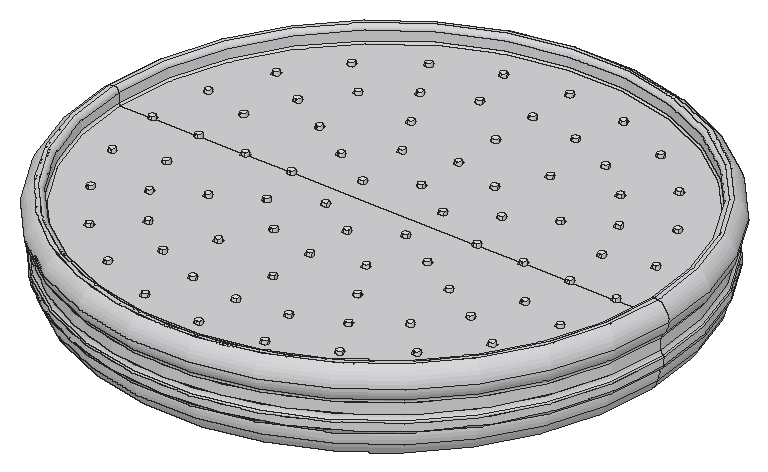
Revit family "Shower-Rainhead-KOHLER-Katalyst-13693W_1", category Plumbing Fixtures, host Face, Revit 2017 (continued)
Definition of nested family "13693W"
  Lines and regions (in)
    symbolic lines, detail levels medium+fine
      curve 261: arc (-0.90428, -1.47214, 0) -> (-0.85038, -1.52604, 0) -> (-0.79647, -1.47214, 0) r 0.0539
      curve 262: arc (-0.79647, -1.47214, 0) -> (-0.85038, -1.41824, 0) -> (-0.90428, -1.47214, 0) r 0.0539
      curve 263: arc (-0.77743, -1.47399, 0) -> (-0.85015, -1.40127, 0) -> (-0.92288, -1.47399, 0) r 0.07272
      curve 264: arc (-1.40101, -0.85112, 0) -> (-1.47373, -0.77839, 0) -> (-1.54645, -0.85112, 0) r 0.07272
      curve 265: arc (-1.42584, -0.87668, 0) -> (-1.44557, -0.80304, 0) -> (-1.5192, -0.82277, 0) r 0.0539
      curve 266: arc (-1.54645, -0.85112, 0) -> (-1.47373, -0.92384, 0) -> (-1.40101, -0.85112, 0) r 0.07272
      curve 267: arc (-1.5192, -0.82277, 0) -> (-1.49947, -0.89641, 0) -> (-1.42584, -0.87668, 0) r 0.0539
      curve 268: arc (-2.13664, -1.27542, 0) -> (-2.20936, -1.2027, 0) -> (-2.28208, -1.27542, 0) r 0.07272
      curve 269: arc (-2.16314, -1.30236, 0) -> (-2.18287, -1.22872, 0) -> (-2.2565, -1.24845, 0) r 0.0539
      curve 270: arc (-2.2565, -1.24845, 0) -> (-2.23677, -1.32209, 0) -> (-2.16314, -1.30236, 0) r 0.0539
      curve 271: arc (-2.28208, -1.27542, 0) -> (-2.20936, -1.34814, 0) -> (-2.13664, -1.27542, 0) r 0.07272
      curve 272: arc (-2.87259, -1.70027, 0) -> (-2.94531, -1.62755, 0) -> (-3.01803, -1.70027, 0) r 0.07272
      curve 273: arc (-2.90156, -1.72868, 0) -> (-2.92129, -1.65505, 0) -> (-2.99492, -1.67478, 0) r 0.0539
      curve 274: arc (-2.99492, -1.67478, 0) -> (-2.97519, -1.74841, 0) -> (-2.90156, -1.72868, 0) r 0.0539
      curve 275: arc (-3.01803, -1.70027, 0) -> (-2.94531, -1.77299, 0) -> (-2.87259, -1.70027, 0) r 0.07272
      curve 276: arc (-3.60856, -2.12686, 0) -> (-3.68128, -2.05414, 0) -> (-3.754, -2.12686, 0) r 0.07272
      curve 277: arc (-3.63715, -2.15338, 0) -> (-3.65688, -2.07975, 0) -> (-3.73052, -2.09948, 0) r 0.0539
      curve 278: arc (-3.73052, -2.09948, 0) -> (-3.71079, -2.17311, 0) -> (-3.63715, -2.15338, 0) r 0.0539
      curve 279: arc (-3.754, -2.12686, 0) -> (-3.68128, -2.19958, 0) -> (-3.60856, -2.12686, 0) r 0.07272
      curve 280: arc (-2.9334, -3.00655, 0) -> (-3.00612, -2.93383, 0) -> (-3.07885, -3.00655, 0) r 0.07272
      curve 281: arc (-2.95996, -3.03612, 0) -> (-2.97969, -2.96249, 0) -> (-3.05333, -2.98222, 0) r 0.0539
      curve 282: arc (-3.05333, -2.98222, 0) -> (-3.0336, -3.05585, 0) -> (-2.95996, -3.03612, 0) r 0.0539
      curve 283: arc (-3.07885, -3.00655, 0) -> (-3.00612, -3.07927, 0) -> (-2.9334, -3.00655, 0) r 0.07272
      curve 284: arc (-2.46741, -2.37175, 0) -> (-2.44133, -2.46907, 0) -> (-2.34401, -2.443, 0) r 0.07124
      curve 285: arc (-2.35903, -2.43433, 0) -> (-2.37876, -2.36069, 0) -> (-2.45239, -2.38042, 0) r 0.0539
      curve 286: arc (-2.33171, -2.40643, 0) -> (-2.41361, -2.33429, 0) -> (-2.47483, -2.42465, 0) r 0.07272
      curve 287: arc (-0.809, -0.42542, 0) -> (-0.73628, -0.49814, 0) -> (-0.66356, -0.42542, 0) r 0.07272
      curve 288: arc (-0.78083, -0.39821, 0) -> (-0.7611, -0.47184, 0) -> (-0.68747, -0.45211, 0) r 0.0539
      curve 289: arc (-0.66356, -0.42542, 0) -> (-0.73628, -0.3527, 0) -> (-0.809, -0.42542, 0) r 0.07272
      curve 290: arc (-0.68747, -0.45211, 0) -> (-0.7072, -0.37848, 0) -> (-0.78083, -0.39821, 0) r 0.0539
      curve 291: arc (-3.21345, -0.88066, 0) -> (-3.28617, -0.80793, 0) -> (-3.35889, -0.88066, 0) r 0.07272
      curve 292: arc (-3.2587, -0.92769, 0) -> (-3.23897, -0.85405, 0) -> (-3.3126, -0.83432, 0) r 0.0539
      curve 293: arc (-3.3126, -0.83432, 0) -> (-3.33233, -0.90796, 0) -> (-3.2587, -0.92769, 0) r 0.0539
      curve 294: arc (-3.35889, -0.88066, 0) -> (-3.28617, -0.95338, 0) -> (-3.21345, -0.88066, 0) r 0.07272
      curve 295: arc (-4.08294, -1.14816, 0) -> (-4.06321, -1.07452, 0) -> (-4.13684, -1.05479, 0) r 0.0539
      curve 296: arc (-4.03371, -1.10103, 0) -> (-4.10643, -1.0283, 0) -> (-4.17915, -1.10103, 0) r 0.07272
      curve 297: arc (-4.13684, -1.05479, 0) -> (-4.15657, -1.12843, 0) -> (-4.08294, -1.14816, 0) r 0.0539
      curve 298: arc (-4.17915, -1.10103, 0) -> (-4.10643, -1.17375, 0) -> (-4.03371, -1.10103, 0) r 0.07272
      curve 299: arc (-4.25189, 0.07296, 0) -> (-4.32461, 0.00024, 0) -> (-4.25189, -0.07249, 0) r 0.07272
      curve 300: arc (-4.25189, -0.07249, 0) -> (-4.17917, 0.00024, 0) -> (-4.25189, 0.07296, 0) r 0.07272
      curve 301: arc (-4.22656, -0.04631, 0) -> (-4.20683, 0.02733, 0) -> (-4.28046, 0.04706, 0) r 0.0539
      curve 302: arc (-4.28046, 0.04706, 0) -> (-4.30019, -0.02658, 0) -> (-4.22656, -0.04631, 0) r 0.0539
      curve 303: arc (-3.40191, 0.07198, 0) -> (-3.47463, -0.00074, 0) -> (-3.40191, -0.07346, 0) r 0.07272
      curve 304: arc (-3.43107, 0.04706, 0) -> (-3.4508, -0.02658, 0) -> (-3.37716, -0.04631, 0) r 0.0539
      curve 305: arc (-3.37716, -0.04631, 0) -> (-3.35743, 0.02733, 0) -> (-3.43107, 0.04706, 0) r 0.0539
      curve 306: arc (-3.40191, -0.07346, 0) -> (-3.32919, -0.00074, 0) -> (-3.40191, 0.07198, 0) r 0.07272
      curve 307: arc (-2.55028, 0.07198, 0) -> (-2.623, -0.00074, 0) -> (-2.55028, -0.07346, 0) r 0.07272
      curve 308: arc (-2.57841, 0.04706, 0) -> (-2.59814, -0.02658, 0) -> (-2.52451, -0.04631, 0) r 0.0539
      curve 309: arc (-2.52451, -0.04631, 0) -> (-2.50478, 0.02733, 0) -> (-2.57841, 0.04706, 0) r 0.0539
      curve 310: arc (-2.55028, -0.07346, 0) -> (-2.47756, -0.00074, 0) -> (-2.55028, 0.07198, 0) r 0.07272
      curve 311: arc (-1.70123, 0.07296, 0) -> (-1.77395, 0.00024, 0) -> (-1.70123, -0.07249, 0) r 0.07272
      curve 312: arc (-1.72705, 0.04706, 0) -> (-1.74678, -0.02658, 0) -> (-1.67315, -0.04631, 0) r 0.0539
      curve 313: arc (-1.67315, -0.04631, 0) -> (-1.65342, 0.02733, 0) -> (-1.72705, 0.04706, 0) r 0.0539
      curve 314: arc (-1.70123, -0.07249, 0) -> (-1.62851, 0.00024, 0) -> (-1.70123, 0.07296, 0) r 0.07272
      curve 315: arc (-0.85043, 0.07272, 0) -> (-0.92315, 0, 0) -> (-0.85043, -0.07272, 0) r 0.07272
      curve 316: arc (-0.82426, 0.04484, 0) -> (-0.8979, 0.02511, 0) -> (-0.87817, -0.04853, 0) r 0.0539
      curve 317: arc (-0.87817, -0.04853, 0) -> (-0.80453, -0.0288, 0) -> (-0.82426, 0.04484, 0) r 0.0539
      curve 318: arc (-0.85043, -0.07272, 0) -> (-0.7777, 0, 0) -> (-0.85043, 0.07272, 0) r 0.07272
      curve 319: line (-0.455, 0, 0.84676) -> (0.455, 0, 0.84676)
      curve 320: line (-0.495, 0, 0.13) -> (0.495, 0, 0.13)
      curve 321: line (-0.35065, 0, 0.9651) -> (0.35065, 0, 0.9651)
      curve 322: line (-0.34554, 0, 1.09339) -> (0.34554, 0, 1.09339)
      curve 323: line (-0.43468, 0, 1.19535) -> (0.43468, 0, 1.19535)
      curve 324: line (-0.85696, 0, 1.32535) -> (0.85696, 0, 1.32535)
      curve 325: line (-4.66541, 0, 2.10879) -> (4.66541, 0, 2.10879)
      curve 326: line (-5.05112, 0, 2.64544) -> (5.05112, 0, 2.64544)
      curve 327: line (5.12394, 0, 2.8225) -> (-5.12394, 0, 2.8225)
      curve 328: line (-5.10082, 0, 3.19173) -> (5.10082, 0, 3.19173)
      curve 329: line (0, 0.495, 0.13) -> (0, -0.495, 0.13)
      curve 330: line (0, 0.455, 0.84676) -> (0, 0.11449, 0.84676)
      curve 331: line (0, 0.35065, 0.9651) -> (0, -0.35065, 0.9651)
      curve 332: line (0, 0.34554, 1.09339) -> (0, -0.34554, 1.09339)
      curve 333: line (0, 0.43468, 1.19535) -> (0, -0.43468, 1.19535)
      curve 334: line (0, 0.85696, 1.32535) -> (0, -0.85696, 1.32535)
      curve 335: line (0, 4.66541, 2.10879) -> (0, -4.66541, 2.10879)
      curve 336: line (0, 5.05112, 2.64544) -> (0, -5.05112, 2.64544)
      curve 337: line (0, 5.12394, 2.8225) -> (0, -5.12394, 2.8225)
      curve 338: line (0, 5.10082, 3.19173) -> (0, -5.10082, 3.19173)
      curve 339: arc (0, 0.19689, 0.75118) -> (0, 0.00077, 0.87947) -> (0, -0.19535, 0.75118) r 0.21404
      curve 340: line (0, 0.19689, 0.25486) -> (0, 0.19689, 0.75118)
      curve 341: line (0, -0.19535, 0.75118) -> (0, -0.19535, 0.25486)
      curve 342: arc (0, -0.19535, 0.25486) -> (0, 0.00077, 0.21257) -> (0, 0.19689, 0.25486) r 0.4758
      curve 343: line (0, -0.11296, 0.84676) -> (0, -0.455, 0.84676)
  Dimensions and locks (in)
    plane 4 to plane 5 = 10.43307"
    plane 8 to level = 3.74016"
    aligned and locked: plane 2 to level
